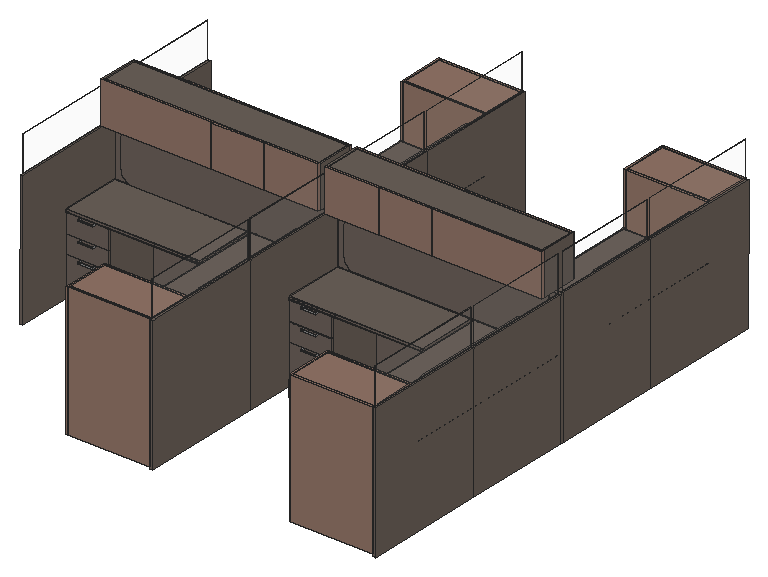
Revit family "OFS TYPICAL S200150", category Furniture, Revit 2022 (continued)
Definition of nested family "OFS STAKS - Height Adjustable Leg Wall Panel - 6-HAWPB"
  Forms (in)
    Extrusion 3, solid, material <- "Material"
      sketch origin (0, 0, 0) x (1, 0, 0) y (0, 0, 1)
        loop
          arc (1.11717, 17.26571) -> (1.07796, 17.36037) -> (0.98331, 17.39957) r 0.13386
          line (0.98331, 17.39957) -> (-0.99952, 17.39957)
      from 0 to 0.25005
  Dimensions and locks (in)
    aligned and locked: level to plane 2
Definition of nested family "STAKS BENCHING RECTANGULAR WORKSURFACES"
  Parameters (values of type "STAKS BENCHING RECTANGULAR WORKSURFACE 48 X 22")
    URL = "https://www.ofs.com/"
    SURFACE DEPTH = 1' - 10"
    Model = "6-MCT-48/22"
    Manufacturer = "OFS"
    Description = "OFS STAKS BENCHING 48 X 22 RECTANGULAR WORKSURFACE"
    SURFACE WIDTH = 4' - 0"
    Default Elevation = 0' - 0"
    Copyright © = "© 2018 OFS"
    Catalog = "https://ofs.com/products/open-plan/benching/staks"
    Authoring Version = "Autodesk Revit Architecture 2013"
    Assembly Code = "E2020200"
  Types (21): name | SURFACE DEPTH | Model | Description | SURFACE WIDTH
    STAKS BENCHING RECTANGULAR WORKSURFACE 48 X 22 | 1' - 10" | "6-MCT-48/22" | "OFS STAKS BENCHING 48 X 22 RECTANGULAR WORKSURFACE" | 4' - 0"
    STAKS BENCHING RECTANGULAR WORKSURFACE 60 X 22 | 1' - 10" | "6-MCT-60/22" | "OFS STAKS BENCHING 60 X 22 RECTANGULAR WORKSURFACE" | 5' - 0"
    STAKS BENCHING RECTANGULAR WORKSURFACE 72 X 22 | 1' - 10" | "6-MCT-72/22" | "OFS STAKS BENCHING 72 X 22 RECTANGULAR WORKSURFACE" | 6' - 0"
    STAKS BENCHING RECTANGULAR WORKSURFACE 60 X 36 | 3' - 0" | "6-MCT-60/36" | "OFS STAKS BENCHING 60 X 36 RECTANGULAR WORKSURFACE" | 5' - 0"
    STAKS BENCHING RECTANGULAR WORKSURFACE 72 X 36 | 3' - 0" | "6-MCT-72/36" | "OFS STAKS BENCHING 72 X 36 RECTANGULAR WORKSURFACE" | 6' - 0"
    STAKS BENCHING RECTANGULAR WORKSURFACE 60 X 30 | 2' - 6" | "6-MCT-60/30" | "OFS STAKS BENCHING 60 X 30 RECTANGULAR WORKSURFACE" | 5' - 0"
    STAKS BENCHING RECTANGULAR WORKSURFACE 72 X 30 | 2' - 6" | "6-MCT-72/30" | "OFS STAKS BENCHING 72 X 30 RECTANGULAR WORKSURFACE" | 6' - 0"
    STAKS BENCHING RECTANGULAR WORKSURFACE 48 X 30 | 2' - 6" | "6-MCT-48/30" | "OFS STAKS BENCHING 48 X 30 RECTANGULAR WORKSURFACE" | 4' - 0"
    STAKS BENCHING RECTANGULAR WORKSURFACE 48 X 36 | 3' - 0" | "6-MCT-48/36" | "OFS STAKS BENCHING 48 X 36 RECTANGULAR WORKSURFACE" | 4' - 0"
    STAKS BENCHING RECTANGULAR WORKSURFACE 54 X 22 | 1' - 10" | "6-MCT-54/22" | "OFS STAKS BENCHING 54 X 22 RECTANGULAR WORKSURFACE" | 4' - 6"
    STAKS BENCHING RECTANGULAR WORKSURFACE 66 X 22 | 1' - 10" | "6-MCT-66/22" | "OFS STAKS BENCHING 66 X 22 RECTANGULAR WORKSURFACE" | 5' - 6"
    STAKS BENCHING RECTANGULAR WORKSURFACE 78 X 22 | 1' - 10" | "6-MCT-78/22" | "OFS STAKS BENCHING 78 X 22 RECTANGULAR WORKSURFACE" | 6' - 6"
    STAKS BENCHING RECTANGULAR WORKSURFACE 84 X 22 | 1' - 10" | "6-MCT-84/22" | "OFS STAKS BENCHING 84 X 22 RECTANGULAR WORKSURFACE" | 7' - 0"
    STAKS BENCHING RECTANGULAR WORKSURFACE 54 X 30 | 2' - 6" | "6-MCT-54/30" | "OFS STAKS BENCHING 54 X 30 RECTANGULAR WORKSURFACE" | 4' - 6"
    STAKS BENCHING RECTANGULAR WORKSURFACE 66 X 30 | 2' - 6" | "6-MCT-66/30" | "OFS STAKS BENCHING 66 X 30 RECTANGULAR WORKSURFACE" | 5' - 6"
    STAKS BENCHING RECTANGULAR WORKSURFACE 78 X 30 | 2' - 6" | "6-MCT-78/30" | "OFS STAKS BENCHING 78 X 30 RECTANGULAR WORKSURFACE" | 6' - 6"
    STAKS BENCHING RECTANGULAR WORKSURFACE 84 X 30 | 2' - 6" | "6-MCT-84/30" | "OFS STAKS BENCHING 84 X 30 RECTANGULAR WORKSURFACE" | 7' - 0"
    STAKS BENCHING RECTANGULAR WORKSURFACE 54 X 36 | 3' - 0" | "6-MCT-54/36" | "OFS STAKS BENCHING 54 X 36 RECTANGULAR WORKSURFACE" | 4' - 6"
    STAKS BENCHING RECTANGULAR WORKSURFACE 66 X 36 | 3' - 0" | "6-MCT-66/36" | "OFS STAKS BENCHING 66 X 36 RECTANGULAR WORKSURFACE" | 5' - 6"
    STAKS BENCHING RECTANGULAR WORKSURFACE 78 X 36 | 3' - 0" | "6-MCT-78/36" | "OFS STAKS BENCHING 78 X 36 RECTANGULAR WORKSURFACE" | 6' - 6"
    STAKS BENCHING RECTANGULAR WORKSURFACE 84 X 36 | 3' - 0" | "6-MCT-84/36" | "OFS STAKS BENCHING 84 X 36 RECTANGULAR WORKSURFACE" | 6' - 6"
  Reference planes (in)
    plane 1: z = -0.125
    plane 2 "LEFT": x = 7.55498
    plane 3 "RIGHT": x = 55.55498
    plane 4 "BACK": y = -1.83365
    plane 5 "FRONT": y = -23.83365
    plane 6: x = 7.67998
    plane 7: x = 55.42998
    plane 8: y = -1.95865
    plane 9: y = -23.70865
    plane 10: z = 27.75
    plane 11 "SURFACE TOP": z = 28.875
  Forms (in)
    Extrusion 1, solid
      sketch origin (0, 0, 17.125) x (-1, 0, 0) y (0, -1, 0)
        loop
          line (-7.67998, 1.95865) -> (-7.67998, 23.70865) -> (-55.42998, 23.70865) -> (-55.42998, 1.95865) -> (-7.67998, 1.95865)
      from 11.75 to 10.625
    Sweep 2, solid
      path origin (0, 0, 28.875) x (0, 1, 0) y (-1, 0, 0)
        loop
          line (-23.83365, -7.55498) -> (-23.83365, -55.55498) -> (-1.83365, -55.55498) -> (-1.83365, -7.55498) -> (-23.83365, -7.55498)
      profile origin (31.55498, -23.83365, 28.875) x (0, 1, 0) y (0, 0, 1)
        loop
          arc (0.125, 0) -> (0.03661, -0.03661) -> (0, -0.125) r 0.125
          line (0, -0.125) -> (0, -1)
          arc (0, -1) -> (0.03661, -1.08839) -> (0.125, -1.125) r 0.125
          line (0.125, -1.125) -> (0.125, 0)
  Lines and regions (in)
    Masking region 1
      outline origin (0, 0, 16.625) x (-1, 0, 0) y (0, -1, 0)
        loop
          line (-7.67998, 1.95865) -> (-7.55498, 1.83365) -> (-7.55498, 23.83365) -> (-7.67998, 23.70865) -> (-7.67998, 1.95865)
    Masking region 2
      outline origin (0, 0, 16.625) x (-1, 0, 0) y (0, -1, 0)
        loop
          line (-7.55498, 1.83365) -> (-7.67998, 1.95865) -> (-55.42998, 1.95865) -> (-55.55498, 1.83365) -> (-7.55498, 1.83365)
    Masking region 3
      outline origin (0, 0, 16.625) x (-1, 0, 0) y (0, -1, 0)
        loop
          line (-55.55498, 1.83365) -> (-55.42998, 1.95865) -> (-55.42998, 23.70865) -> (-55.55498, 23.83365) -> (-55.55498, 1.83365)
    Masking region 4
      outline origin (0, 0, 16.625) x (-1, 0, 0) y (0, -1, 0)
        loop
          line (-55.55498, 23.83365) -> (-55.42998, 23.70865) -> (-7.67998, 23.70865) -> (-7.55498, 23.83365) -> (-55.55498, 23.83365)
    Masking region 5
      outline origin (0, 0, 16.625) x (-1, 0, 0) y (0, -1, 0)
        loop
          line (-55.42998, 23.70865) -> (-55.42998, 1.95865) -> (-7.67998, 1.95865) -> (-7.67998, 23.70865) -> (-55.42998, 23.70865)
  Dimensions and locks (in)
    "SURFACE DEPTH": plane 4 "BACK" to plane 5 "FRONT"
    "SURFACE WIDTH": plane 2 "LEFT" to plane 3 "RIGHT"
    locked: plane 11 "SURFACE TOP" to plane 10 at 1.125
    locked: plane 4 "BACK" to plane 8 at 0.125
    locked: plane 2 "LEFT" to plane 6 at 0.125
    locked: plane 7 to plane 3 "RIGHT" at 0.125
    locked: plane 9 to plane 5 "FRONT" at 0.125
    aligned: level to plane 1
    aligned and locked: plane 8 to Extrusion 1 sketch curve
    aligned and locked: Extrusion 1 sketch curve to plane 6
    aligned and locked: Extrusion 1 sketch curve to plane 9
    aligned and locked: plane 7 to Extrusion 1 sketch curve
    aligned and locked: plane 11 "SURFACE TOP" to Extrusion 1
    aligned and locked: Extrusion 1 to plane 10
    aligned and locked: Sweep 2 sketch curve to plane 5 "FRONT"
    aligned and locked: Sweep 2 sketch curve to plane 2 "LEFT"
    aligned and locked: plane 4 "BACK" to Sweep 2 sketch curve
    aligned and locked: plane 3 "RIGHT" to Sweep 2 sketch curve
  Automatic sketch dimensions
    Masking region 1 sketch curve to plane 6 = 0' - 0"
    Masking region 1 sketch curve to plane 2 "LEFT" = 0' - 0"
    Masking region 1 sketch curve to plane 4 "BACK" = 0' - 0"
    Masking region 1 sketch curve to plane 8 = 0' - 0"
    Masking region 1 sketch curve to plane 9 = 0' - 0"
    Masking region 1 sketch curve to plane 5 "FRONT" = 0' - 0"
    Masking region 2 sketch curve to plane 3 "RIGHT" = 0' - 0"
    Masking region 2 sketch curve to plane 7 = 0' - 0"
    Masking region 2 sketch curve to plane 6 = 0' - 0"
    Masking region 2 sketch curve to plane 2 "LEFT" = 0' - 0"
    Masking region 2 sketch curve to plane 4 "BACK" = 0' - 0"
    Masking region 2 sketch curve to plane 8 = 0' - 0"
    Masking region 3 sketch curve to plane 3 "RIGHT" = 0' - 0"
    Masking region 3 sketch curve to plane 7 = 0' - 0"
    Masking region 3 sketch curve to plane 4 "BACK" = 0' - 0"
    Masking region 3 sketch curve to plane 8 = 0' - 0"
    Masking region 3 sketch curve to plane 9 = 0' - 0"
    Masking region 3 sketch curve to plane 5 "FRONT" = 0' - 0"
    Masking region 4 sketch curve to plane 3 "RIGHT" = 0' - 0"
    Masking region 4 sketch curve to plane 7 = 0' - 0"
    Masking region 4 sketch curve to plane 6 = 0' - 0"
    Masking region 4 sketch curve to plane 2 "LEFT" = 0' - 0"
    Masking region 4 sketch curve to plane 9 = 0' - 0"
    Masking region 4 sketch curve to plane 5 "FRONT" = 0' - 0"
    Masking region 5 sketch curve to plane 7 = 0' - 0"
    Masking region 5 sketch curve to plane 6 = 0' - 0"
    Masking region 5 sketch curve to plane 8 = 0' - 0"
    Masking region 5 sketch curve to plane 9 = 0' - 0"
    Sweep 2 sketch curve to profile plane = 0' - 0"
    Sweep 2 sketch curve to plane 11 "SURFACE TOP" = 0' - 0"
    Sweep 2 sketch curve to profile plane = 0' - 0 1/8"
    Sweep 2 sketch curve to Sweep 2 sketch curve = 0' - 0 7/8"
Definition of nested family "STAKS WORKSURFACE HEIGHT PEDESTAL - BOX-BOX-FILE - NO RISER SUPPORT"
  Parameters (values of type "STAKS WORKSURFACE HEIGHT PEDESTAL - BOX-BOX-FILE - NO RISER SUPPORT 19in D")
    URL = "http://www.ofs.com/"
    Riser Support = 0' - 0"
    Model = "6-NW1619MPD1"
    Manufacturer = "OFS"
    Height = 2' - 3 7/8"
    Drawer Material = none
    Drawer Handle Width = 0' - 5 7/16"
    Drawer Handle Material = none
    Description = "OFS STAKS WORKSURFACE HEIGHT PEDESTAL - BOX-BOX-FILE - NO RISER SUPPORT 19\" D, Two Box Drawers, Use with 22\"D Worksurfaces"
    Width = 1' - 3 5/8"
    Depth = 1' - 7 3/8"
    Default Elevation = 0' - 0"
    DH2 = 0' - 6 1/2"
    DH1 = 1' - 2 3/8"
    Copyright © = "© 2018 OFS"
    Chasis Material = none
    Catalog = "https://ofs.com/products/casegoods/private-office/staks"
    Board Thickness = 0' - 0 3/4"
    Authoring Version = "Autodesk Revit Architecture 2013"
    Assembly Code = "E2020200"
  Types (6): name | Model | Description | Depth
    STAKS WORKSURFACE HEIGHT PEDESTAL - BOX-BOX-FILE - NO RISER SUPPORT 19in D | "6-NW1619MPD1" | "OFS STAKS WORKSURFACE HEIGHT PEDESTAL - BOX-BOX-FILE - NO RISER SUPPORT 19\" D, Two Box Drawers, Use with 22\"D Worksurfaces" | 1' - 7 3/8"
    STAKS WORKSURFACE HEIGHT PEDESTAL - BOX-BOX-FILE - NO RISER SUPPORT 22in D | "6-NW1622MPD1" | "OFS STAKS WORKSURFACE HEIGHT PEDESTAL - BOX-BOX-FILE - NO RISER SUPPORT 22\" D, Two Box Drawers, Use with 22\"D Worksurfaces" | 1' - 9 7/8"
    STAKS WORKSURFACE HEIGHT PEDESTAL - BOX-BOX-FILE - NO RISER SUPPORT 27in D | "6-NW1627MPD1" | "OFS STAKS WORKSURFACE HEIGHT PEDESTAL - BOX-BOX-FILE - NO RISER SUPPORT 27\" D, Two Box Drawers, Use with 30\"D Worksurfaces" | 2' - 3 3/8"
    STAKS WORKSURFACE HEIGHT PEDESTAL - BOX-BOX-FILE - NO RISER SUPPORT 30in D | "6-NW1630MPD1" | "OFS STAKS WORKSURFACE HEIGHT PEDESTAL - BOX-BOX-FILE - NO RISER SUPPORT 30\" D, Two Box Drawers, Use with 30\"D Worksurfaces" | 2' - 5 7/8"
    STAKS WORKSURFACE HEIGHT PEDESTAL - BOX-BOX-FILE - NO RISER SUPPORT 33in D | "6-NW1633MPD1" | "OFS STAKS WORKSURFACE HEIGHT PEDESTAL - BOX-BOX-FILE - NO RISER SUPPORT 33\" D, Two Box Drawers, Use with 36\"D Worksurfaces" | 2' - 9 3/8"
    STAKS WORKSURFACE HEIGHT PEDESTAL - BOX-BOX-FILE - NO RISER SUPPORT 36in D | "6-NW1636MPD1" | "OFS STAKS WORKSURFACE HEIGHT PEDESTAL - BOX-BOX-FILE - NO RISER SUPPORT 36\" D, Two Box Drawers, Use with 36\"D Worksurfaces" | 2' - 11 7/8"
  Reference planes (in)
    plane 1: z = 0
    plane 2 "Right": x = 20.97711
    plane 3: z = 27.875
    plane 4: z = 14.375
    plane 5: z = 14.25
    plane 6: z = 0
    plane 7: z = 14
    plane 8: z = 27.625
    plane 9: z = 13.531
    plane 10: z = 27.15625
    plane 11: x = 13.16461
    plane 12: y = 1.37535
    plane 13: y = 0.62535
    plane 14: x = 13.22711
    plane 15: x = 28.72661
    plane 16: x = 13.91461
    plane 17: y = 20.00035
    plane 18: x = 28.78961
    plane 19: x = 28.03961
    plane 20: x = 18.25836
    plane 21: x = 18.63336
    plane 22: x = 23.69586
    plane 23: x = 23.32086
    plane 24: y = -0.18715
    plane 25: y = -0.37465
    plane 26: z = 20.875
    plane 27: z = 20.75
    plane 28: z = 20.5
    plane 29: z = 20.031
    plane 30: z = 0.25
    plane 31: y = 19.25035
    plane 32: z = 0.75
    plane 33: y = 16.75035
    plane 34: y = 4.37535
    plane 35: y = 8.37535
    plane 36: y = 12.75035
    plane 37: y = 5.00035
    plane 38: y = 13.37535
    plane 39: z = 28
  Forms (in)
    Extrusion 1, solid, material <- "Drawer Material"
      sketch origin (20.35211, 5, -13.1802) x (0, 1, 0) y (0, 0, 1)
        loop
          line (-4.37465, 27.4302) -> (-4.37465, 13.4302) -> (-3.62465, 13.4302) -> (-3.62465, 27.4302) -> (-4.37465, 27.4302)
      from -7.125 to 8.3745
    Extrusion 2, solid, material <- "Drawer Material"
      sketch origin (20.35211, 2.25, -7.68015) x (0, 1, 0) y (0, 0, 1)
        loop
          line (-1.62465, 28.43015) -> (-1.62465, 22.05515) -> (-0.87465, 22.05515) -> (-0.87465, 28.43015) -> (-1.62465, 28.43015)
      from -7.125 to 8.3745
    Extrusion 3, solid, material <- "Chasis Material"
      sketch origin (-3, -1.24965, 0) x (1, 0, 0) y (0, 0, 1)
        loop
          line (16.16461, 0) -> (16.91461, 0) -> (16.91461, 27.875) -> (16.16461, 27.875) -> (16.16461, 0)
      from -21.25 to -2.625
    Extrusion 4, solid, material <- "Chasis Material"
      sketch origin (19.35211, 31.02324, 0) x (0, 1, 0) y (0, 0, 1)
        loop
          line (-11.77289, 0) -> (-11.02289, 0) -> (-11.02289, 27.875) -> (-11.77289, 27.875) -> (-11.77289, 0)
      from -5.4375 to 8.6875
    Extrusion 5, solid, material <- "Drawer Handle Material"
      sketch origin (9, 0, 9.60933) x (1, 0, 0) y (0, 1, 0)
        loop
          line (9.25836, 0.62535) -> (9.25836, -0.37465) -> (14.69586, -0.37465) -> (14.69586, 0.62535) -> (14.32086, 0.62535) -> (14.32086, -0.18715) -> (9.63336, -0.18715) -> (9.63336, 0.62535) -> (9.25836, 0.62535)
      from 3.92167 to 4.39067
    Extrusion 6, solid, material <- "Drawer Handle Material"
      sketch origin (9, 0, 20.67137) x (1, 0, 0) y (0, 1, 0)
        loop
          line (9.25836, 0.62535) -> (9.25836, -0.37465) -> (14.69586, -0.37465) -> (14.69586, 0.62535) -> (14.32086, 0.62535) -> (14.32086, -0.18715) -> (9.63336, -0.18715) -> (9.63336, 0.62535) -> (9.25836, 0.62535)
      from -0.64037 to -0.17137
    Extrusion 7, solid, material <- "Chasis Material"
      sketch origin (0, 0, 0) x (1, 0, 0) y (0, 1, 0)
        loop
          line (28.78961, 20.00035) -> (28.03961, 20.00035) -> (28.03961, 1.37535) -> (28.78961, 1.37535) -> (28.78961, 20.00035)
      from 0 to 27.875
    Extrusion 8, solid, material <- "Drawer Material"
      sketch origin (20.35211, 2.25, 0.06985) x (0, 1, 0) y (0, 0, 1)
        loop
          line (-1.62465, 27.80515) -> (-1.62465, 20.80515) -> (-0.87465, 20.80515) -> (-0.87465, 27.80515) -> (-1.62465, 27.80515)
      from -7.125 to 8.3745
    Extrusion 9, solid, material <- "Drawer Handle Material"
      sketch origin (9, 0, 28.42137) x (1, 0, 0) y (0, 1, 0)
        loop
          line (9.25836, 0.62535) -> (9.25836, -0.37465) -> (14.69586, -0.37465) -> (14.69586, 0.62535) -> (14.32086, 0.62535) -> (14.32086, -0.18715) -> (9.63336, -0.18715) -> (9.63336, 0.62535) -> (9.25836, 0.62535)
      from -1.26512 to -0.79637
    Extrusion 10, solid, material <- "Chasis Material"
      sketch origin (-29.79592, -1.62465, 7.24693) x (1, 0, 0) y (0, 0, 1)
        loop
          line (43.71054, 19.90932) -> (57.83554, 19.90932) -> (57.83554, 20.62807) -> (43.71054, 20.62807) -> (43.71054, 19.90932)
      from -18.375 to -14.375
    Extrusion 11, solid, material <- "Chasis Material"
      sketch origin (-29.79592, -7.12465, 7.24693) x (1, 0, 0) y (0, 0, 1)
        loop
          line (43.71054, 19.90932) -> (57.83554, 19.90932) -> (57.83554, 20.62807) -> (43.71054, 20.62807) -> (43.71054, 19.90932)
      from -15.5 to -11.5
    Extrusion 12, solid, material <- "Chasis Material"
      sketch origin (-31.5409, -1.62465, -42.72261) x (1, 0, 0) y (0, 0, 1)
        loop
          line (45.45551, 42.72261) -> (59.58051, 42.72261) -> (59.58051, 43.47261) -> (45.45551, 43.47261) -> (45.45551, 42.72261)
      from -20.875 to -3
    Extrusion 13, solid
      sketch origin (0, 0, 0) x (1, 0, 0) y (0, 1, 0)
        loop
          line (28.72661, 20.00035) -> (28.03961, 20.00035) -> (28.03961, 13.37535) -> (13.91461, 13.37535) -> (13.91461, 20.00035) -> (13.22711, 20.00035) -> (13.22711, 0.62535) -> (13.91461, 0.62535) -> (13.91461, 4.37535) -> (28.03961, 4.37535) -> (28.03961, 0.62535) -> (28.72661, 0.62535) -> (28.72661, 20.00035)
        loop
          line (28.03961, 5.00035) -> (28.03961, 12.75035) -> (13.91461, 12.75035) -> (13.91461, 5.00035) -> (28.03961, 5.00035)
      from 27.875 to 28
  Dimensions and locks (in)
    "Board Thickness": plane 13 to plane 12
    locked: plane 11 to plane 14 at 0.0625
    "Board Thickness": plane 11 to plane 16
    locked: plane 15 to plane 18 at 0.063
    "Width": plane 11 to plane 18
    Extrusion 7 sketch curve to plane 18 = 0' - 0 3/4"
    "Board Thickness": plane 19 to plane 18
    equal spacing: plane 11, plane 2 "Right", plane 18
    locked: plane 20 to plane 21 at 0.375
    locked: plane 23 to plane 22 at 0.375
    equal spacing: plane 20, plane 2 "Right", plane 22
    "Drawer Handle Width": plane 20 to plane 22
    plane 25 to plane 24 to plane 13 = 0' - 0 3/16" locked, 0' - 0 13/16" locked
    "Riser Support": plane 6 to level
    "Height": plane 3 to plane 6
    "DH1": plane 4 to plane 6
    "DH2": plane 26 to plane 4
    locked: plane 30 to plane 6 at 0.25
    "Board Thickness": plane 31 to plane 17
    "Depth": plane 13 to plane 17
    plane 4 to plane 5 to plane 7 to plane 9 = 0' - 0 1/8" locked, 0' - 0 1/4" locked, 0' - 0.469" locked
    plane 26 to plane 27 to plane 28 to plane 29 = 0' - 0 1/8" locked, 0' - 0 1/4" locked, 0' - 0.469" locked
    plane 3 to plane 8 to plane 10 = 0' - 0 1/4" locked, 0' - 0 15/32" locked
    "Board Thickness": plane 32 to plane 6
    plane 12 to plane 34 to plane 35 = 0' - 3" locked, 0' - 4" locked
    plane 36 to plane 33 to plane 31 = 0' - 4" locked, 0' - 2 1/2" locked
    locked: plane 34 to plane 37 at 0.625
    locked: plane 36 to plane 38 at 0.625
    locked: plane 39 to plane 3 at 0.125
    aligned and locked: level to plane 1
    aligned and locked: Extrusion 1 to plane 14
    aligned and locked: plane 15 to Extrusion 1
    aligned and locked: Extrusion 2 to plane 12
    aligned and locked: plane 13 to Extrusion 2
    aligned and locked: plane 15 to Extrusion 2
    aligned and locked: Extrusion 2 to plane 14
    aligned and locked: plane 12 to Extrusion 3
    aligned and locked: Extrusion 3 to plane 17
    aligned and locked: Extrusion 4 to plane 16
    aligned and locked: plane 16 to Extrusion 3
    aligned and locked: Extrusion 3 to plane 11
    aligned and locked: Extrusion 4 to plane 17
    aligned and locked: Extrusion 1 sketch curve to plane 12
    aligned and locked: plane 13 to Extrusion 1 sketch curve
    aligned and locked: plane 19 to Extrusion 4
    aligned and locked: plane 3 to Extrusion 3
    aligned and locked: Extrusion 6 to plane 22
    aligned and locked: Extrusion 5 to plane 22
    aligned and locked: plane 23 to Extrusion 6
    aligned and locked: plane 23 to Extrusion 5
    aligned and locked: plane 21 to Extrusion 6
    aligned and locked: plane 21 to Extrusion 5
    aligned and locked: Extrusion 6 to plane 20
    aligned and locked: Extrusion 5 to plane 20
    aligned and locked: plane 24 to Extrusion 6
    aligned and locked: plane 7 to Extrusion 5
    aligned and locked: Extrusion 5 to plane 9
    aligned and locked: plane 3 to Extrusion 4
    aligned and locked: plane 27 to Extrusion 2
    aligned and locked: Extrusion 6 to plane 29
    aligned and locked: plane 28 to Extrusion 6
    aligned and locked: Extrusion 1 to plane 30
    aligned and locked: Extrusion 8 to plane 26
    aligned and locked: plane 3 to Extrusion 8
    aligned and locked: Extrusion 9 to plane 10
    aligned and locked: plane 8 to Extrusion 9
    aligned and locked: Extrusion 7 to plane 19
    aligned and locked: Extrusion 8 to plane 14
    aligned and locked: plane 15 to Extrusion 8
    aligned and locked: plane 3 to Extrusion 7
    aligned and locked: Extrusion 7 to plane 6
    aligned and locked: plane 3 to Extrusion 10
    aligned and locked: Extrusion 10 to plane 10
    aligned and locked: plane 19 to Extrusion 10
    aligned and locked: Extrusion 10 to plane 16
    aligned and locked: Extrusion 10 to plane 33
    aligned and locked: plane 36 to Extrusion 10
    aligned and locked: plane 34 to Extrusion 11
    aligned and locked: Extrusion 11 to plane 35
    aligned and locked: plane 3 to Extrusion 11
    aligned and locked: Extrusion 11 to plane 10
    aligned and locked: plane 32 to Extrusion 12
    aligned and locked: Extrusion 12 to plane 6
    aligned and locked: Extrusion 12 to plane 31
    aligned and locked: plane 12 to Extrusion 12
    aligned and locked: plane 19 to Extrusion 12
    aligned and locked: Extrusion 12 to plane 16
    aligned and locked: Extrusion 13 to plane 3
    aligned and locked: plane 39 to Extrusion 13
  Automatic sketch dimensions
    Extrusion 1 sketch curve to plane 30 = 0' - 0"
    Extrusion 1 sketch curve to plane 5 = 0' - 0"
    Extrusion 2 sketch curve to plane 13 = 0' - 0"
    Extrusion 2 sketch curve to plane 4 = 0' - 0"
    Extrusion 2 sketch curve to plane 12 = 0' - 0"
    Extrusion 2 sketch curve to plane 27 = 0' - 0"
    Extrusion 3 sketch curve to plane 6 = 0' - 0"
    Extrusion 3 sketch curve to plane 11 = 0' - 0"
    Extrusion 3 sketch curve to plane 3 = 0' - 0"
    Extrusion 3 sketch curve to plane 16 = 0' - 0"
    Extrusion 4 sketch curve to plane 6 = 0' - 0"
    Extrusion 4 sketch curve to plane 3 = 0' - 0"
    Extrusion 4 sketch curve to plane 17 = 0' - 0"
    plane 31 to Extrusion 4 sketch curve = 0' - 0"
    plane 13 to Extrusion 5 sketch curve = 0' - 0"  (x2)
    Extrusion 5 sketch curve to plane 20 = 0' - 0"
    Extrusion 5 sketch curve to plane 21 = 0' - 0"
    Extrusion 5 sketch curve to plane 23 = 0' - 0"
    Extrusion 5 sketch curve to plane 22 = 0' - 0"
    plane 25 to Extrusion 5 sketch curve = 0' - 0"
    plane 24 to Extrusion 5 sketch curve = 0' - 0"
    plane 13 to Extrusion 6 sketch curve = 0' - 0"  (x2)
    Extrusion 6 sketch curve to plane 20 = 0' - 0"
    Extrusion 6 sketch curve to plane 21 = 0' - 0"
    Extrusion 6 sketch curve to plane 23 = 0' - 0"
    Extrusion 6 sketch curve to plane 22 = 0' - 0"
    plane 25 to Extrusion 6 sketch curve = 0' - 0"
    plane 24 to Extrusion 6 sketch curve = 0' - 0"
    plane 12 to Extrusion 7 sketch curve = 0' - 0"
    Extrusion 7 sketch curve to plane 18 = 0' - 0"
    plane 17 to Extrusion 7 sketch curve = 0' - 0"
    Extrusion 8 sketch curve to plane 3 = 0' - 0"
    Extrusion 8 sketch curve to plane 13 = 0' - 0"
    Extrusion 8 sketch curve to plane 12 = 0' - 0"
    Extrusion 8 sketch curve to plane 26 = 0' - 0"
    plane 13 to Extrusion 9 sketch curve = 0' - 0"  (x2)
    Extrusion 9 sketch curve to plane 20 = 0' - 0"
    Extrusion 9 sketch curve to plane 21 = 0' - 0"
    Extrusion 9 sketch curve to plane 23 = 0' - 0"
    Extrusion 9 sketch curve to plane 22 = 0' - 0"
    plane 25 to Extrusion 9 sketch curve = 0' - 0"
    plane 24 to Extrusion 9 sketch curve = 0' - 0"
    Extrusion 10 sketch curve to plane 10 = 0' - 0"
    Extrusion 10 sketch curve to plane 16 = 0' - 0"
    Extrusion 10 sketch curve to plane 3 = 0' - 0"
    Extrusion 10 sketch curve to plane 19 = 0' - 0"
    Extrusion 11 sketch curve to plane 10 = 0' - 0"
    Extrusion 11 sketch curve to plane 16 = 0' - 0"
    Extrusion 11 sketch curve to plane 3 = 0' - 0"
    Extrusion 11 sketch curve to plane 19 = 0' - 0"
    plane 14 to Extrusion 12 sketch curve = 0' - 0 11/16"
    Extrusion 12 sketch curve to plane 6 = 0' - 0"
    plane 6 to Extrusion 12 sketch curve = 0' - 0 3/4"
    Extrusion 12 sketch curve to plane 19 = 0' - 0"
    Extrusion 13 sketch curve to plane 14 = 0' - 0"
    Extrusion 13 sketch curve to plane 19 = 0' - 0"  (x2)
    Extrusion 13 sketch curve to plane 15 = 0' - 0"
    plane 13 to Extrusion 13 sketch curve = 0' - 0"  (x2)
    Extrusion 13 sketch curve to plane 34 = 0' - 0"
    Extrusion 13 sketch curve to plane 37 = 0' - 0"
    Extrusion 13 sketch curve to plane 38 = 0' - 0"
    Extrusion 13 sketch curve to plane 36 = 0' - 0"
    Extrusion 13 sketch curve to Extrusion 13 sketch curve = 0' - 0"  (x2)
    Extrusion 13 sketch curve to plane 16 = 0' - 0"  (x2)
    plane 17 to Extrusion 13 sketch curve = 0' - 0"  (x2)
Definition of nested family "STAKS SPINE OR DIVIDER WALL 48in"
  Parameters (values of type "STAKS SPINE OR DIVIDER WALL 48in X 24in")
    URL = "http://www.ofs.com/"
    Height Above Floor [instance] = 4' - 0"
    Height = 4' - 0"
    Depth = 0' - 1"
    Model = "6-PAN-48/24"
    Manufacturer = "OFS"
    Description = "OFS STAKS SPINE OR DIVIDER WALL 48\" Height x 24\" Width, Levelers allow 2.5\" Height Adjustability for Uneven Floor"
    Width = 2' - 0"
    Default Elevation = 0' - 0"
    Copyright © = "© 2018 OFS"
    Catalog = "https://ofs.com/products/casegoods/private-office/staks"
    Authoring Version = "Autodesk Revit Architecture 2013"
    Assembly Code = "E2020200"
  Types (19): name | Model | Description | Width
    STAKS SPINE OR DIVIDER WALL 48in X 24in | "6-PAN-48/24" | "OFS STAKS SPINE OR DIVIDER WALL 48\" Height x 24\" Width, Levelers allow 2.5\" Height Adjustability for Uneven Floor" | 2' - 0"
    STAKS SPINE OR DIVIDER WALL 48in X 33in | "6-PAN-48/33" | "OFS STAKS SPINE OR DIVIDER WALL 48\" Height x 33\" Width, Levelers allow 2.5\" Height Adjustability for Uneven Floor" | 2' - 9"
    STAKS SPINE OR DIVIDER WALL 48in X 26in | "6-PAN-48/26" | "OFS STAKS SPINE OR DIVIDER WALL 48\" Height x 26\" Width, Levelers allow 2.5\" Height Adjustability for Uneven Floor" | 2' - 2"
    STAKS SPINE OR DIVIDER WALL 48in X 30in | "6-PAN-48/30" | "OFS STAKS SPINE OR DIVIDER WALL 48\" Height x 30\" Width, Levelers allow 2.5\" Height Adjustability for Uneven Floor" | 2' - 6"
    STAKS SPINE OR DIVIDER WALL 48in X 36in | "6-PAN-48/36" | "OFS STAKS SPINE OR DIVIDER WALL 48\" Height x 36\" Width, Levelers allow 2.5\" Height Adjustability for Uneven Floor" | 3' - 0"
    STAKS SPINE OR DIVIDER WALL 48in X 37in | "6-PAN-48/37" | "OFS STAKS SPINE OR DIVIDER WALL 48\" Height x 37\" Width, Levelers allow 2.5\" Height Adjustability for Uneven Floor" | 3' - 1"
    STAKS SPINE OR DIVIDER WALL 48in X 39in | "6-PAN-48/39" | "OFS STAKS SPINE OR DIVIDER WALL 48\" Height x 39\" Width, Levelers allow 2.5\" Height Adjustability for Uneven Floor" | 3' - 3"
    STAKS SPINE OR DIVIDER WALL 48in X 40in | "6-PAN-48/40" | "OFS STAKS SPINE OR DIVIDER WALL 48\" Height x 40\" Width, Levelers allow 2.5\" Height Adjustability for Uneven Floor" | 3' - 4"
    STAKS SPINE OR DIVIDER WALL 48in X 42in | "6-PAN-48/42" | "OFS STAKS SPINE OR DIVIDER WALL 48\" Height x 42\" Width, Levelers allow 2.5\" Height Adjustability for Uneven Floor" | 3' - 6"
    STAKS SPINE OR DIVIDER WALL 48in X 44in | "6-PAN-48/44" | "OFS STAKS SPINE OR DIVIDER WALL 48\" Height x 44\" Width, Levelers allow 2.5\" Height Adjustability for Uneven Floor" | 3' - 8"
    STAKS SPINE OR DIVIDER WALL 48in X 45in | "6-PAN-48/45" | "OFS STAKS SPINE OR DIVIDER WALL 48\" Height x 45\" Width, Levelers allow 2.5\" Height Adjustability for Uneven Floor" | 3' - 9"
    STAKS SPINE OR DIVIDER WALL 48in X 47in | "6-PAN-48/47" | "OFS STAKS SPINE OR DIVIDER WALL 48\" Height x 47\" Width, Levelers allow 2.5\" Height Adjustability for Uneven Floor" | 3' - 11"
    STAKS SPINE OR DIVIDER WALL 48in X 48in | "6-PAN-48/48" | "OFS STAKS SPINE OR DIVIDER WALL 48\" Height x 48\" Width, Levelers allow 2.5\" Height Adjustability for Uneven Floor" | 4' - 0"
    STAKS SPINE OR DIVIDER WALL 48in X 49in | "6-PAN-48/49" | "OFS STAKS SPINE OR DIVIDER WALL 48\" Height x 49\" Width, Levelers allow 2.5\" Height Adjustability for Uneven Floor" | 4' - 1"
    STAKS SPINE OR DIVIDER WALL 48in X 52in | "6-PAN-48/52" | "OFS STAKS SPINE OR DIVIDER WALL 48\" Height x 52\" Width, Levelers allow 2.5\" Height Adjustability for Uneven Floor" | 4' - 4"
    STAKS SPINE OR DIVIDER WALL 48in X 54in | "6-PAN-48/54" | "OFS STAKS SPINE OR DIVIDER WALL 48\" Height x 54\" Width, Levelers allow 2.5\" Height Adjustability for Uneven Floor" | 4' - 6"
    STAKS SPINE OR DIVIDER WALL 48in X 56in | "6-PAN-48/56" | "OFS STAKS SPINE OR DIVIDER WALL 48\" Height x 56\" Width, Levelers allow 2.5\" Height Adjustability for Uneven Floor" | 4' - 8"
    STAKS SPINE OR DIVIDER WALL 48in X 58in | "6-PAN-48/58" | "OFS STAKS SPINE OR DIVIDER WALL 48\" Height x 58\" Width, Levelers allow 2.5\" Height Adjustability for Uneven Floor" | 4' - 10"
    STAKS SPINE OR DIVIDER WALL 48in X 59in | "6-PAN-48/59" | "OFS STAKS SPINE OR DIVIDER WALL 48\" Height x 59\" Width, Levelers allow 2.5\" Height Adjustability for Uneven Floor" | 4' - 11"
  Reference planes (in)
    plane 1: z = -0.125
    plane 2 "LEFT": x = 7.55498
    plane 3 "RIGHT": x = 31.55498
    plane 4 "BACK": y = -1.83365
    plane 5 "FRONT": y = -2.83365
    plane 6: x = 7.67998
    plane 7: x = 31.42998
    plane 8: y = -1.95865
    plane 9: y = -2.70865
    plane 10: z = -0.125
    plane 11 "SURFACE TOP": z = 47.875
  Forms (in)
    Extrusion 1, solid
      sketch origin (0, 0, 17.125) x (-1, 0, 0) y (0, -1, 0)
        loop
          line (-7.55498, 1.83365) -> (-7.55498, 2.83365) -> (-31.55498, 2.83365) -> (-31.55498, 1.83365) -> (-7.55498, 1.83365)
      from 30.75 to -17.25
  Lines and regions (in)
    symbolic lines
      curve 1: line (7.55498, -1.83365, 47.875) -> (31.55498, -1.83365, 47.875)
      curve 2: line (7.55498, -2.83365, 47.875) -> (7.55498, -1.83365, 47.875)
      curve 3: line (31.55498, -2.83365, 47.875) -> (7.55498, -2.83365, 47.875)
      curve 4: line (31.55498, -1.83365, 47.875) -> (31.55498, -2.83365, 47.875)
  Dimensions and locks (in)
    "Depth": plane 4 "BACK" to plane 5 "FRONT"
    "Width": plane 2 "LEFT" to plane 3 "RIGHT"
    "Height": plane 11 "SURFACE TOP" to plane 10
    locked: plane 4 "BACK" to plane 8 at 0.125
    locked: plane 2 "LEFT" to plane 6 at 0.125
    locked: plane 7 to plane 3 "RIGHT" at 0.125
    locked: plane 9 to plane 5 "FRONT" at 0.125
    "Height Above Floor": plane 11 "SURFACE TOP" to level
    aligned: level to plane 1
    aligned and locked: plane 11 "SURFACE TOP" to Extrusion 1
    aligned and locked: Extrusion 1 to plane 10
    aligned and locked: plane 4 "BACK" to Extrusion 1 sketch curve
    aligned and locked: Extrusion 1 sketch curve to plane 2 "LEFT"
    aligned and locked: Extrusion 1 sketch curve to plane 5 "FRONT"
    aligned and locked: plane 3 "RIGHT" to Extrusion 1 sketch curve
    aligned and locked: curve 1 to Extrusion 1
    aligned and locked: curve 2 to Extrusion 1
    aligned and locked: curve 3 to Extrusion 1
    aligned and locked: curve 4 to Extrusion 1
Definition of nested family "STAKS DOUBLE SIDED FROSTED GLASS PRIVACY PANEL"
  Parameters (values of type "STAKS DOUBLE SIDED FROSTED GLASS PRIVACY PANEL 23 x 10")
    Width = 1' - 11"
    URL = "http://www.ofs.com/"
    Model = "6-PVPG-23/10"
    Manufacturer = "OFS"
    Height From Floor = 4' - 8"
    Height = 0' - 10"
    Description = "OFS STAKS DOUBLE SIDED FROSTED GLASS PRIVACY PANEL 23 x 10, Recessed 1.5\" Inside Wall Panel"
    Depth = 0' - 0 1/4"
    Default Elevation = 0' - 0"
    Copyright © = "© 2018 OFS"
    Catalog = "https://ofs.com/products/casegoods/private-office/staks"
    Shelf Material = none
    Authoring Version = "Autodesk Revit Architecture 2013"
    Assembly Code = "E2020200"
  Types (38): name | Width | Model | Height From Floor | Height | Description
    STAKS DOUBLE SIDED FROSTED GLASS PRIVACY PANEL 23 x 10 | 1' - 11" | "6-PVPG-23/10" | 4' - 8" | 0' - 10" | "OFS STAKS DOUBLE SIDED FROSTED GLASS PRIVACY PANEL 23 x 10, Recessed 1.5\" Inside Wall Panel"
    STAKS DOUBLE SIDED FROSTED GLASS PRIVACY PANEL 25 x 10 | 2' - 1" | "6-PVPG-25/10" | 4' - 8" | 0' - 10" | "OFS STAKS DOUBLE SIDED FROSTED GLASS PRIVACY PANEL 25 x 10, Recessed 1.5\" Inside Wall Panel"
    STAKS DOUBLE SIDED FROSTED GLASS PRIVACY PANEL 29 x 10 | 2' - 5" | "6-PVPG-29/10" | 4' - 8" | 0' - 10" | "OFS STAKS DOUBLE SIDED FROSTED GLASS PRIVACY PANEL 29 x 10, Recessed 1.5\" Inside Wall Panel"
    STAKS DOUBLE SIDED FROSTED GLASS PRIVACY PANEL 32 x 10 | 2' - 8" | "6-PVPG-32/10" | 4' - 8" | 0' - 10" | "OFS STAKS DOUBLE SIDED FROSTED GLASS PRIVACY PANEL 32 x 10, Recessed 1.5\" Inside Wall Panel"
    STAKS DOUBLE SIDED FROSTED GLASS PRIVACY PANEL 35 x 10 | 2' - 11" | "6-PVPG-35/10" | 4' - 8" | 0' - 10" | "OFS STAKS DOUBLE SIDED FROSTED GLASS PRIVACY PANEL 35 x 10, Recessed 1.5\" Inside Wall Panel"
    STAKS DOUBLE SIDED FROSTED GLASS PRIVACY PANEL 36 x 10 | 3' - 0" | "6-PVPG-36/10" | 4' - 8" | 0' - 10" | "OFS STAKS DOUBLE SIDED FROSTED GLASS PRIVACY PANEL 36 x 10, Recessed 1.5\" Inside Wall Panel"
    STAKS DOUBLE SIDED FROSTED GLASS PRIVACY PANEL 38 x 10 | 3' - 2" | "6-PVPG-38/10" | 4' - 8" | 0' - 10" | "OFS STAKS DOUBLE SIDED FROSTED GLASS PRIVACY PANEL 38 x 10, Recessed 1.5\" Inside Wall Panel"
    STAKS DOUBLE SIDED FROSTED GLASS PRIVACY PANEL 39 x 10 | 3' - 3" | "6-PVPG-39/10" | 4' - 8" | 0' - 10" | "OFS STAKS DOUBLE SIDED FROSTED GLASS PRIVACY PANEL 39 x 10, Recessed 1.5\" Inside Wall Panel"
    STAKS DOUBLE SIDED FROSTED GLASS PRIVACY PANEL 41 x 10 | 3' - 5" | "6-PVPG-41/10" | 4' - 8" | 0' - 10" | "OFS STAKS DOUBLE SIDED FROSTED GLASS PRIVACY PANEL 41 x 10, Recessed 1.5\" Inside Wall Panel"
    STAKS DOUBLE SIDED FROSTED GLASS PRIVACY PANEL 43 x 10 | 3' - 7" | "6-PVPG-43/10" | 4' - 8" | 0' - 10" | "OFS STAKS DOUBLE SIDED FROSTED GLASS PRIVACY PANEL 43 x 10, Recessed 1.5\" Inside Wall Panel"
    STAKS DOUBLE SIDED FROSTED GLASS PRIVACY PANEL 44 x 10 | 3' - 8" | "6-PVPG-44/10" | 4' - 8" | 0' - 10" | "OFS STAKS DOUBLE SIDED FROSTED GLASS PRIVACY PANEL 44 x 10, Recessed 1.5\" Inside Wall Panel"
    STAKS DOUBLE SIDED FROSTED GLASS PRIVACY PANEL 46 x 10 | 3' - 10" | "6-PVPG-46/10" | 4' - 8" | 0' - 10" | "OFS STAKS DOUBLE SIDED FROSTED GLASS PRIVACY PANEL 46 x 10, Recessed 1.5\" Inside Wall Panel"
    STAKS DOUBLE SIDED FROSTED GLASS PRIVACY PANEL 47 x 10 | 3' - 11" | "6-PVPG-47/10" | 4' - 8" | 0' - 10" | "OFS STAKS DOUBLE SIDED FROSTED GLASS PRIVACY PANEL 47 x 10, Recessed 1.5\" Inside Wall Panel"
    STAKS DOUBLE SIDED FROSTED GLASS PRIVACY PANEL 48 x 10 | 4' - 0" | "6-PVPG-48/10" | 4' - 8" | 0' - 10" | "OFS STAKS DOUBLE SIDED FROSTED GLASS PRIVACY PANEL 48 x 10, Recessed 1.5\" Inside Wall Panel"
    STAKS DOUBLE SIDED FROSTED GLASS PRIVACY PANEL 51 x 10 | 4' - 3" | "6-PVPG-51/10" | 4' - 8" | 0' - 10" | "OFS STAKS DOUBLE SIDED FROSTED GLASS PRIVACY PANEL 51 x 10, Recessed 1.5\" Inside Wall Panel"
    STAKS DOUBLE SIDED FROSTED GLASS PRIVACY PANEL 53 x 10 | 4' - 5" | "6-PVPG-53/10" | 4' - 8" | 0' - 10" | "OFS STAKS DOUBLE SIDED FROSTED GLASS PRIVACY PANEL 53 x 10, Recessed 1.5\" Inside Wall Panel"
    STAKS DOUBLE SIDED FROSTED GLASS PRIVACY PANEL 55 x 10 | 4' - 7" | "6-PVPG-55/10" | 4' - 8" | 0' - 10" | "OFS STAKS DOUBLE SIDED FROSTED GLASS PRIVACY PANEL 55 x 10, Recessed 1.5\" Inside Wall Panel"
    STAKS DOUBLE SIDED FROSTED GLASS PRIVACY PANEL 57 x 10 | 4' - 9" | "6-PVPG-57/10" | 4' - 8" | 0' - 10" | "OFS STAKS DOUBLE SIDED FROSTED GLASS PRIVACY PANEL 57 x 10, Recessed 1.5\" Inside Wall Panel"
    STAKS DOUBLE SIDED FROSTED GLASS PRIVACY PANEL 58 x 10 | 4' - 10" | "6-PVPG-58/10" | 4' - 8" | 0' - 10" | "OFS STAKS DOUBLE SIDED FROSTED GLASS PRIVACY PANEL 58 x 10, Recessed 1.5\" Inside Wall Panel"
    STAKS DOUBLE SIDED FROSTED GLASS PRIVACY PANEL 23 x 13 | 1' - 11" | "6-PVPG-23/13" | 4' - 11" | 1' - 1" | "OFS STAKS DOUBLE SIDED FROSTED GLASS PRIVACY PANEL 23 x 13, Recessed 1.5\" Inside Wall Panel"
    STAKS DOUBLE SIDED FROSTED GLASS PRIVACY PANEL 25 x 13 | 2' - 1" | "6-PVPG-25/13" | 4' - 11" | 1' - 1" | "OFS STAKS DOUBLE SIDED FROSTED GLASS PRIVACY PANEL 25 x 13, Recessed 1.5\" Inside Wall Panel"
    STAKS DOUBLE SIDED FROSTED GLASS PRIVACY PANEL 29 x 13 | 2' - 5" | "6-PVPG-29/13" | 4' - 11" | 1' - 1" | "OFS STAKS DOUBLE SIDED FROSTED GLASS PRIVACY PANEL 29 x 13, Recessed 1.5\" Inside Wall Panel"
    STAKS DOUBLE SIDED FROSTED GLASS PRIVACY PANEL 32 x 13 | 2' - 8" | "6-PVPG-32/13" | 4' - 11" | 1' - 1" | "OFS STAKS DOUBLE SIDED FROSTED GLASS PRIVACY PANEL 32 x 13, Recessed 1.5\" Inside Wall Panel"
    STAKS DOUBLE SIDED FROSTED GLASS PRIVACY PANEL 35 x 13 | 2' - 11" | "6-PVPG-35/13" | 4' - 11" | 1' - 1" | "OFS STAKS DOUBLE SIDED FROSTED GLASS PRIVACY PANEL 35 x 13, Recessed 1.5\" Inside Wall Panel"
    STAKS DOUBLE SIDED FROSTED GLASS PRIVACY PANEL 36 x 13 | 3' - 0" | "6-PVPG-36/13" | 4' - 11" | 1' - 1" | "OFS STAKS DOUBLE SIDED FROSTED GLASS PRIVACY PANEL 36 x 13, Recessed 1.5\" Inside Wall Panel"
    STAKS DOUBLE SIDED FROSTED GLASS PRIVACY PANEL 38 x 13 | 3' - 2" | "6-PVPG-38/13" | 4' - 11" | 1' - 1" | "OFS STAKS DOUBLE SIDED FROSTED GLASS PRIVACY PANEL 38 x 13, Recessed 1.5\" Inside Wall Panel"
    STAKS DOUBLE SIDED FROSTED GLASS PRIVACY PANEL 39 x 13 | 3' - 3" | "6-PVPG-39/13" | 4' - 11" | 1' - 1" | "OFS STAKS DOUBLE SIDED FROSTED GLASS PRIVACY PANEL 39 x 13, Recessed 1.5\" Inside Wall Panel"
    STAKS DOUBLE SIDED FROSTED GLASS PRIVACY PANEL 41 x 13 | 3' - 5" | "6-PVPG-41/13" | 4' - 11" | 1' - 1" | "OFS STAKS DOUBLE SIDED FROSTED GLASS PRIVACY PANEL 41 x 13, Recessed 1.5\" Inside Wall Panel"
    STAKS DOUBLE SIDED FROSTED GLASS PRIVACY PANEL 43 x 13 | 3' - 7" | "6-PVPG-43/13" | 4' - 11" | 1' - 1" | "OFS STAKS DOUBLE SIDED FROSTED GLASS PRIVACY PANEL 43 x 13, Recessed 1.5\" Inside Wall Panel"
    STAKS DOUBLE SIDED FROSTED GLASS PRIVACY PANEL 44 x 13 | 3' - 8" | "6-PVPG-44/13" | 4' - 11" | 1' - 1" | "OFS STAKS DOUBLE SIDED FROSTED GLASS PRIVACY PANEL 44 x 13, Recessed 1.5\" Inside Wall Panel"
    STAKS DOUBLE SIDED FROSTED GLASS PRIVACY PANEL 46 x 13 | 3' - 10" | "6-PVPG-46/13" | 4' - 11" | 1' - 1" | "OFS STAKS DOUBLE SIDED FROSTED GLASS PRIVACY PANEL 46 x 13, Recessed 1.5\" Inside Wall Panel"
    STAKS DOUBLE SIDED FROSTED GLASS PRIVACY PANEL 47 x 13 | 3' - 11" | "6-PVPG-47/13" | 4' - 11" | 1' - 1" | "OFS STAKS DOUBLE SIDED FROSTED GLASS PRIVACY PANEL 47 x 13, Recessed 1.5\" Inside Wall Panel"
    STAKS DOUBLE SIDED FROSTED GLASS PRIVACY PANEL 48 x 13 | 4' - 0" | "6-PVPG-48/13" | 4' - 11" | 1' - 1" | "OFS STAKS DOUBLE SIDED FROSTED GLASS PRIVACY PANEL 48 x 13, Recessed 1.5\" Inside Wall Panel"
    STAKS DOUBLE SIDED FROSTED GLASS PRIVACY PANEL 51 x 13 | 4' - 3" | "6-PVPG-51/13" | 4' - 11" | 1' - 1" | "OFS STAKS DOUBLE SIDED FROSTED GLASS PRIVACY PANEL 51 x 13, Recessed 1.5\" Inside Wall Panel"
    STAKS DOUBLE SIDED FROSTED GLASS PRIVACY PANEL 53 x 13 | 4' - 5" | "6-PVPG-53/13" | 4' - 11" | 1' - 1" | "OFS STAKS DOUBLE SIDED FROSTED GLASS PRIVACY PANEL 53 x 13, Recessed 1.5\" Inside Wall Panel"
    STAKS DOUBLE SIDED FROSTED GLASS PRIVACY PANEL 55 x 13 | 4' - 7" | "6-PVPG-55/13" | 4' - 11" | 1' - 1" | "OFS STAKS DOUBLE SIDED FROSTED GLASS PRIVACY PANEL 55 x 13, Recessed 1.5\" Inside Wall Panel"
    STAKS DOUBLE SIDED FROSTED GLASS PRIVACY PANEL 57 x 13 | 4' - 9" | "6-PVPG-57/13" | 4' - 11" | 1' - 1" | "OFS STAKS DOUBLE SIDED FROSTED GLASS PRIVACY PANEL 57 x 13, Recessed 1.5\" Inside Wall Panel"
    STAKS DOUBLE SIDED FROSTED GLASS PRIVACY PANEL 58 x 13 | 4' - 10" | "6-PVPG-58/13" | 4' - 11" | 1' - 1" | "OFS STAKS DOUBLE SIDED FROSTED GLASS PRIVACY PANEL 58 x 13, Recessed 1.5\" Inside Wall Panel"
  Reference planes (in)
    plane 1: z = 0
    plane 2 "Center (Front/Back)": y = 2.75035
    plane 3 "LEFT": x = -28
    plane 4 "BASE TOP": z = 56
    plane 5 "RIGHT": x = -5
    plane 6: z = 46
    plane 7: y = 2.87535
    plane 8 "CENTER": x = -16.5
    plane 9: y = 2.62535
  Forms (in)
    Extrusion 1, solid, material <- "Shelf Material"
      sketch origin (0, 2.75035, 0) x (1, 0, 0) y (0, 0, 1)
        loop
          line (-28, 56) -> (-28, 46) -> (-5, 46) -> (-5, 56) -> (-28, 56)
      from -0.125 to 0.125
  Dimensions and locks (in)
    "Height From Floor": plane 4 "BASE TOP" to plane 1
    "Height": plane 4 "BASE TOP" to plane 6
    equal spacing: plane 3 "LEFT", plane 8 "CENTER", plane 5 "RIGHT"
    equal spacing: plane 9, plane 2 "Center (Front/Back)", plane 7
    "Width": plane 3 "LEFT" to plane 5 "RIGHT"
    "Depth": plane 9 to plane 7
    aligned and locked: level to plane 1
    aligned and locked: Extrusion 1 sketch curve to plane 4 "BASE TOP"
    aligned and locked: plane 3 "LEFT" to Extrusion 1 sketch curve
    aligned and locked: Extrusion 1 sketch curve to plane 6
    aligned and locked: Extrusion 1 sketch curve to plane 5 "RIGHT"
    aligned and locked: Extrusion 1 to plane 7
    aligned and locked: plane 9 to Extrusion 1
Definition of nested family "STAKS FABRIC TACKBOARD WITH ROUNDED CORNERS FOR SPINE OR DIVIDER WALL"
  Parameters (values of type "STAKS FABRIC TACKBOARD WITH ROUNDED CORNERS FOR SPINE OR DIVIDER WALL 12H x 27-48.9375W")
    URL = "http://www.ofs.com/"
    Height Above Floor [instance] = 3' - 5 1/2"
    Height = 1' - 0"
    Depth = 0' - 0 1/2"
    Model = "FTR10D"
    Manufacturer = "OFS"
    Description = "OFS STAKS FABRIC TACKBOARD WITH ROUNDED CORNERS FOR SPINE OR DIVIDER WALL 12\" Height X 27\" - 48.9375\" Width, Any Width in 1/8\" Increments available within Ranges Shown"
    Width = 2' - 3"
    Default Elevation = 0' - 0"
    Copyright © = "© 2018 OFS"
    Catalog = "https://ofs.com/products/casegoods/private-office/staks"
    Authoring Version = "Autodesk Revit Architecture 2013"
    Assembly Code = "E2020200"
  Types (6): name | Height Above Floor | Height | Model | Description | Width
    STAKS FABRIC TACKBOARD WITH ROUNDED CORNERS FOR SPINE OR DIVIDER WALL 12H x 27-48.9375W | 3' - 5 1/2" | 1' - 0" | "FTR10D" | "OFS STAKS FABRIC TACKBOARD WITH ROUNDED CORNERS FOR SPINE OR DIVIDER WALL 12\" Height X 27\" - 48.9375\" Width, Any Width in 1/8\" Increments available within Ranges Shown" | 2' - 3"
    STAKS FABRIC TACKBOARD WITH ROUNDED CORNERS FOR SPINE OR DIVIDER WALL 12H x 74-96W | 3' - 5 1/2" | 1' - 0" | "FTR10F" | "OFS STAKS FABRIC TACKBOARD WITH ROUNDED CORNERS FOR SPINE OR DIVIDER WALL 12\" Height X 74\" - 96\" Width, Any Width in 1/8\" Increments available within Ranges Shown" | 6' - 2"
    STAKS FABRIC TACKBOARD WITH ROUNDED CORNERS FOR SPINE OR DIVIDER WALL 12H x 49-73.9375W | 3' - 5 1/2" | 1' - 0" | "FTR10E" | "OFS STAKS FABRIC TACKBOARD WITH ROUNDED CORNERS FOR SPINE OR DIVIDER WALL 12\" Height X 49\" - 73.9375\" Width, Any Width in 1/8\" Increments available within Ranges Shown" | 4' - 1"
    STAKS FABRIC TACKBOARD WITH ROUNDED CORNERS FOR SPINE OR DIVIDER WALL 18H x 27-48.9375W | 3' - 11 1/2" | 1' - 6" | "FTR10A" | "OFS STAKS FABRIC TACKBOARD WITH ROUNDED CORNERS FOR SPINE OR DIVIDER WALL 18\" Height X 27\" - 48.9375\" Width, Any Width in 1/8\" Increments available within Ranges Shown" | 2' - 3"
    STAKS FABRIC TACKBOARD WITH ROUNDED CORNERS FOR SPINE OR DIVIDER WALL 18H x 49-73.9375W | 3' - 11 1/2" | 1' - 6" | "FTR10B" | "OFS STAKS FABRIC TACKBOARD WITH ROUNDED CORNERS FOR SPINE OR DIVIDER WALL 18\" Height X 49\" - 73.9375\" Width, Any Width in 1/8\" Increments available within Ranges Shown" | 4' - 1"
    STAKS FABRIC TACKBOARD WITH ROUNDED CORNERS FOR SPINE OR DIVIDER WALL 18H x 74-96W | 3' - 11 1/2" | 1' - 6" | "FTR10C" | "OFS STAKS FABRIC TACKBOARD WITH ROUNDED CORNERS FOR SPINE OR DIVIDER WALL 18\" Height X 74\" - 96\" Width, Any Width in 1/8\" Increments available within Ranges Shown" | 6' - 2"
  Reference planes (in)
    plane 1: z = -0.125
    plane 2 "LEFT": x = 7.55498
    plane 3 "RIGHT": x = 34.55498
    plane 4 "BACK": y = -1.83365
    plane 5 "FRONT": y = -2.33365
    plane 6: x = 7.67998
    plane 7: x = 34.42998
    plane 8: y = -1.95865
    plane 9: y = -2.20865
    plane 10: z = 29.375
    plane 11 "SURFACE TOP": z = 41.375
  Forms (in)
    Extrusion 1, solid
      sketch origin (0, 0.50035, 0) x (1, 0, 0) y (0, 0, 1)
        loop
          arc (30.55498, 29.375) -> (33.38341, 30.54657) -> (34.55498, 33.375) r 4
          line (34.55498, 33.375) -> (34.55498, 37.375)
          arc (34.55498, 37.375) -> (33.38341, 40.20343) -> (30.55498, 41.375) r 4
          line (30.55498, 41.375) -> (11.55498, 41.375)
          arc (11.55498, 41.375) -> (8.72655, 40.20343) -> (7.55498, 37.375) r 4
          line (7.55498, 37.375) -> (7.55498, 33.375)
          arc (7.55498, 33.375) -> (8.72655, 30.54657) -> (11.55498, 29.375) r 4
          line (11.55498, 29.375) -> (30.55498, 29.375)
      from 2.834 to 2.334
  Dimensions and locks (in)
    "Depth": plane 4 "BACK" to plane 5 "FRONT"
    "Width": plane 2 "LEFT" to plane 3 "RIGHT"
    "Height": plane 11 "SURFACE TOP" to plane 10
    locked: plane 4 "BACK" to plane 8 at 0.125
    locked: plane 2 "LEFT" to plane 6 at 0.125
    locked: plane 7 to plane 3 "RIGHT" at 0.125
    locked: plane 9 to plane 5 "FRONT" at 0.125
    "Height Above Floor": plane 11 "SURFACE TOP" to level
    aligned: level to plane 1
    aligned and locked: plane 10 to Extrusion 1 sketch curve
    aligned and locked: Extrusion 1 sketch curve to plane 3 "RIGHT"
    aligned and locked: Extrusion 1 sketch curve to plane 11 "SURFACE TOP"
    aligned and locked: plane 2 "LEFT" to Extrusion 1 sketch curve
    aligned and locked: Extrusion 1 to plane 5 "FRONT"
    aligned and locked: plane 4 "BACK" to Extrusion 1
  Automatic sketch dimensions
    plane 10 to Extrusion 1 sketch curve = 0' - 4"
    plane 6 to Extrusion 1 sketch curve = 0' - 3 7/8"  (x2)
    Extrusion 1 sketch curve to plane 7 = 0' - 3 7/8"
Definition of nested family "STAKS CENTER ELECTRIC ADJUSTABLE HEIGHT BASE Rectangular"
  Parameters (values of type "STAKS CENTER ELECTRIC ADJUSTABLE HEIGHT BASE 24in Rectangular")
    Width = 0' - 3"
    URL = "http://www.ofs.com/"
    Leg Caps Material = none
    Depth = 1' - 8"
    Model = "HA24CRE"
    Manufacturer = "OFS"
    Height [instance] = 2' - 3 7/8"
    Description = "OFS STAKS CENTER ELECTRIC ADJUSTABLE HEIGHT BASE 24in Rectangular, Use with 20\" - 24\"D Rectangular Top"
    Default Elevation = 0' - 0"
    Copyright © = "© 2018 OFS"
    Column and Legs Material = none
    Catalog = "https://ofs.com/products/casegoods/private-office/staks"
    Authoring Version = "Autodesk Revit Architecture 2013"
    Assembly Code = "E2020200"
  Types (2): name | Depth | Model | Description
    STAKS CENTER ELECTRIC ADJUSTABLE HEIGHT BASE 24in Rectangular | 1' - 8" | "HA24CRE" | "OFS STAKS CENTER ELECTRIC ADJUSTABLE HEIGHT BASE 24in Rectangular, Use with 20\" - 24\"D Rectangular Top"
    STAKS CENTER ELECTRIC ADJUSTABLE HEIGHT BASE 30in Rectangular | 2' - 2" | "HA30CRE" | "OFS STAKS CENTER ELECTRIC ADJUSTABLE HEIGHT BASE 30in Rectangular, Use with 24.125\" - 30\"D Rectangular Top"
  Reference planes (in)
    plane 1: z = 0
    plane 2 "Center (Front/Back)": y = -2.62465
    plane 3 "Center (Left/Right)": x = -18
    plane 4 "H LEG TOP": z = 27.875
    plane 5: x = -15
    plane 6: x = -13.5
    plane 7: y = -12.62465
    plane 8: y = 7.37535
    plane 9 "CENTER": x = -16.5
    plane 10: z = 1.955
    plane 11: z = 0.455
    plane 12: x = -17.5
    plane 13: x = -15.5
    plane 14: y = 6.12535
    plane 15: y = -11.37465
    plane 16: y = -1.12465
    plane 17: y = -4.12465
    plane 18: z = 25.34078
    plane 19: z = 25.875
    plane 20: z = 26.875
    plane 21: y = -4.49965
    plane 22: y = -0.74965
    plane 23: y = -5.99965
    plane 24: y = 0.75035
    plane 25: x = -17.63484
    plane 26: x = -19.13484
    plane 27: y = -12.49965
    plane 28: y = 7.25035
  Forms (in)
    Extrusion 1, solid
      sketch origin (8.306, -1.24965, 17.75) x (0, 0, 1) y (-1, 0, 0)
        loop
          line (-15.795, 26.306) -> (-17.295, 26.306) -> (-17.295, 23.306) -> (-15.795, 23.306) -> (-15.795, 26.306)
      from -8.625 to -8.5
    Revolve 2, solid, material <- "Leg Caps Material"
      sketch origin (-10.53974, 6.12535, 0) x (-1, 0, 0) y (0, 0, 1)
        loop
          line (5.96026, 0.455) -> (5.96026, 0) -> (6.64775, 0) -> (6.64775, 0.19198) -> (6.24151, 0.36125) -> (6.24151, 0.455) -> (5.96026, 0.455)
        axis (5.96026, 0) -> (5.96026, 0.455)
      angle from 0 to 360
    Revolve 3, solid, material <- "Leg Caps Material"
      sketch origin (-10.53974, -11.37465, 0) x (-1, 0, 0) y (0, 0, -1)
        loop
          line (5.96026, -0.455) -> (6.24151, -0.455) -> (6.24151, -0.36125) -> (6.64775, -0.19198) -> (6.64775, 0) -> (5.96026, 0) -> (5.96026, -0.455)
        axis (5.96026, 0) -> (5.96026, -0.455)
      angle from 0 to 360
    Extrusion 4, solid, material <- "Column and Legs Material"
      sketch origin (0, 0, 27.875) x (0, -1, 0) y (1, 0, 0)
        loop
          arc (1.12465, -17.25) -> (1.19787, -17.42678) -> (1.37465, -17.5) r 0.25
          line (1.37465, -17.5) -> (3.87465, -17.5)
          arc (3.87465, -17.5) -> (4.05143, -17.42678) -> (4.12465, -17.25) r 0.25
          line (4.12465, -17.25) -> (4.12465, -15.75)
          arc (4.12465, -15.75) -> (4.05143, -15.57322) -> (3.87465, -15.5) r 0.25
          line (3.87465, -15.5) -> (1.37465, -15.5)
          arc (1.37465, -15.5) -> (1.19787, -15.57322) -> (1.12465, -15.75) r 0.25
          line (1.12465, -15.75) -> (1.12465, -17.25)
      from -25.92 to -2.53422
    Extrusion 5, solid, material <- "Column and Legs Material"
      sketch origin (19.74279, 0.10259, 27.875) x (0, -1, 0) y (1, 0, 0)
        loop
          line (0.85224, -30.69457) -> (0.85224, -37.12762)
          arc (0.85224, -37.12762) -> (0.92547, -37.3044) -> (1.10224, -37.37762) r 0.25
          line (1.10224, -37.37762) -> (4.35224, -37.37762)
          arc (4.35224, -37.37762) -> (4.52902, -37.3044) -> (4.60224, -37.12762) r 0.25
          line (4.60224, -37.12762) -> (4.60224, -30.69457)
          arc (4.60224, -30.69457) -> (4.52902, -30.5178) -> (4.35224, -30.44457) r 0.25
          line (4.35224, -30.44457) -> (1.10224, -30.44457)
          arc (1.10224, -30.44457) -> (0.92547, -30.5178) -> (0.85224, -30.69457) r 0.25
      from -1 to 0
    Blend 6, solid, material <- "Column and Legs Material"
      base sketch origin (0, 0, 27.875) x (0, -1, 0) y (1, 0, 0)
        loop
          line (4.24965, -10.70179) -> (0.99965, -10.70179)
          arc (0.99965, -10.70179) -> (0.82287, -10.77501) -> (0.74965, -10.95179) r 0.25
          line (0.74965, -10.95179) -> (0.74965, -17.38484)
          arc (0.74965, -17.38484) -> (0.82287, -17.56161) -> (0.99965, -17.63484) r 0.25
          line (0.99965, -17.63484) -> (4.24965, -17.63484)
          arc (4.24965, -17.63484) -> (4.42643, -17.56161) -> (4.49965, -17.38484) r 0.25
          line (4.49965, -17.38484) -> (4.49965, -10.95179)
          arc (4.49965, -10.95179) -> (4.42643, -10.77501) -> (4.24965, -10.70179) r 0.25
      top sketch origin (0, 0, 27.875) x (0, -1, 0) y (1, 0, 0)
        loop
          arc (4.12465, -11.45179) -> (4.05143, -11.27501) -> (3.87465, -11.20179) r 0.25
          line (3.87465, -11.20179) -> (1.37465, -11.20179)
          arc (1.37465, -11.20179) -> (1.19787, -11.27501) -> (1.12465, -11.45179) r 0.25
          line (1.12465, -11.45179) -> (1.12465, -17.25)
          arc (1.12465, -17.25) -> (1.19787, -17.42678) -> (1.37465, -17.5) r 0.25
          line (1.37465, -17.5) -> (3.87465, -17.5)
          arc (3.87465, -17.5) -> (4.05143, -17.42678) -> (4.12465, -17.25) r 0.25
          line (4.12465, -17.25) -> (4.12465, -11.45179)
      from -1 to -2
    Extrusion 7, solid, material <- "Column and Legs Material"
      sketch origin (0, 0, 27.875) x (0, -1, 0) y (1, 0, 0)
        loop
          line (3.87465, -15.625) -> (1.37465, -15.625)
          arc (1.37465, -15.625) -> (1.28626, -15.66161) -> (1.24965, -15.75) r 0.125
          line (1.24965, -15.75) -> (1.24965, -17.25)
          arc (1.24965, -17.25) -> (1.28626, -17.33839) -> (1.37465, -17.375) r 0.125
          line (1.37465, -17.375) -> (3.87465, -17.375)
          arc (3.87465, -17.375) -> (3.96304, -17.33839) -> (3.99965, -17.25) r 0.125
          line (3.99965, -17.25) -> (3.99965, -15.75)
          arc (3.99965, -15.75) -> (3.96304, -15.66161) -> (3.87465, -15.625) r 0.125
      from -2.53422 to -2
